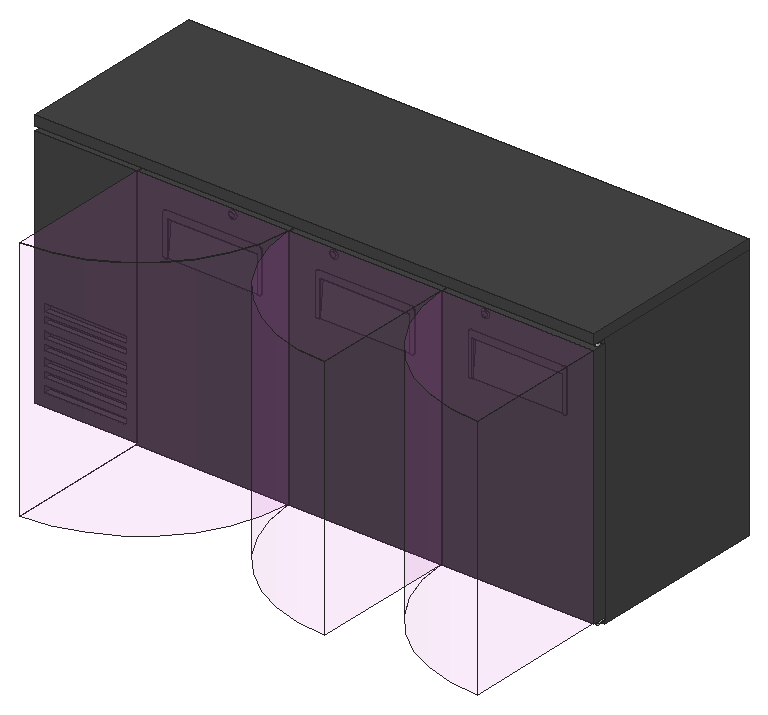
Revit family "QF_True_TBB24-72-3S-Z1-BST-B-1_Solid_Swing_Door_Back_Bar", category Specialty Equipment, Revit 2021
Family settings
  Round Connector Dimension = Use Diameter
  Part Type = Normal
  Work Plane-Based = No
  Always vertical = Yes
  Cut with Voids When Loaded = No
  Shared = No
  Room Calculation Point = No
Parameters
  Weight in Pounds = 415
  Watts = Volts * FL Amps  # 368 W
  Volts = 115 V
  URL Cutsheet = ""
  Specification by User = ""
  Specification by Manufacturer = ""
  Show Seismic Flanged [instance] = yes
  Show Door Clearance [instance] = yes
  Show Default [instance] = if(or([Show 2" Casters], [Show 3" Casters]), or(or([Show 4" Casters], [Show 5" Casters], [Show 6" Legs]), and([Show 2" Casters], [Show 3" Casters]), and([Show 3" Casters], Show Seismic Flanged)), if(or([Show 4" Casters], [Show 5" Casters]), or(or([Show 6" Legs], Show Seismic Flanged), and([Show 4" Casters], [Show 5" Casters])), if([Show 6" Legs], Show Seismic Flanged, not(Show Seismic Flanged))))  # yes
  Show 6" Legs [instance] = yes
  Show 5" Casters [instance] = yes
  Show 4" Casters [instance] = yes
  Show 3" Casters [instance] = yes
  Show 2" Casters [instance] = yes
  Serial Number = ""
  Seismic Rating = ""
  SMACNA No = ""
  Revision Code = ""
  Phase = 1
  Number of Poles = 1
  NAFEM Spec ID Number = ""
  Model = "TBB24-72-3S-Z1-BST-B-1"
  Min Ckt Ampacity = 0 A
  Max Overcurrent Protection = 0 A
  Masterspec = ""
  Manufacturer = "True"
  Length = 72 1/32"
  Item Number = ""
  Installed By = ""
  Identify Quantity as Lot = yes
  Height [instance] = Base Height + Body Height  # 34 3/16"
  HP = "1/4"
  Furnished By = ""
  Foodservice Equipment Identifier = yes
  FL Amps = 3.2 A
  Electrical Remarks = ""
  Electric Connection Type = ""
  Elec Conn RI Height = 0"
  Elec Conn Connection Height = 0"
  Door Finish [instance] = QF_Metallic_Paint_Black_Smooth
  Description = "Solid Swing Door Back Bar 24\" Depth Single Zone Cooler with Black Sub Top and Black Exterior"
  Depth = 24 7/8"
  Default Elevation = 0"
  Cycle = 60 Hz
  Counter Top Finish [instance] = QF_Metallic_Paint_Black_Smooth
  Conn Plug = "NEMA 5-15P"
  Conn Conduit = yes
  CSI MasterFormat = ""
  Body Height [instance] = 34 3/16"
  Body Finish [instance] = QF_Metallic_Paint_Black_Smooth
  Base Height [instance] = if(Show Default, 0", if([Show 2" Casters], 2", if([Show 3" Casters], 3", if([Show 4" Casters], 4", if([Show 5" Casters], 5", if([Show 6" Legs], 6", if(Show Seismic Flanged, 6", 0")))))))  # 0"
  Apparent Power = 0 VA
Reference planes (in)
  plane 1 "BACK": y = 0
  plane 2: z = 0
  plane 3 "LEFT": x = 0
  plane 4 "RIGHT": x = 72.03125
  plane 5 "FRONT": y = -24.875
  plane 6 "TOP": z = 34.1875
  plane 7 "Center Y": x = 36.01563
  plane 8 "Center X": y = -12.4375
  plane 9: z = 0
Dimensions and locks (in)
  equal spacing: plane 3 "LEFT", plane 7 "Center Y", plane 4 "RIGHT"
  "Length": plane 3 "LEFT" to plane 4 "RIGHT"
  equal spacing: plane 5 "FRONT", plane 8 "Center X", plane 1 "BACK"
  "Depth": plane 5 "FRONT" to plane 1 "BACK"
  plane 6 "TOP" to level = 34 3/16"
  "Body Height": plane 6 "TOP" to plane 9
  "Base Height": plane 9 to level
  aligned and locked: level to plane 2
  aligned and locked: nested 1 to plane 9
Nested families (in)
  nested 1: "TBB24-72-3S-Z1-BST-B-1" at (0, 0, 0), Show Door Clearance <- "Show Door Clearance", Body Finish <- "Body Finish", Counter Top Finishes <- "Counter Top Finish", Door Finish <- "Door Finish", type "TBB24-72-3S-Z1-BST-B-1"
    with Show Door Clearance yes, Door Finish QF_Metallic_Paint_Black_Smooth, Counter Top Finishes QF_Metallic_Paint_Black_Smooth, Body Finish QF_Metallic_Paint_Black_Smooth
  nested 2: "Family3" at (2.5, -20.9375, 0), Show 2" Casters <- "Show 2" Casters", Show 3" Casters <- "Show 3" Casters", Show 4" Casters <- "Show 4" Casters", Show 5" Casters <- "Show 5" Casters", Show 6" Legs <- "Show 6" Legs", Show Seismic Flanged <- "Show Seismic Flanged", type "Family3"
    with Show Seismic Flanged yes, Show 6" Legs yes, Show 5" Casters yes, Show 4" Casters yes, Show 3" Casters yes, Show 2" Casters yes
  nested 3: "Family3" at (69.53125, -20.9375, 0), Show 2" Casters <- "Show 2" Casters", Show 3" Casters <- "Show 3" Casters", Show 4" Casters <- "Show 4" Casters", Show 5" Casters <- "Show 5" Casters", Show 6" Legs <- "Show 6" Legs", Show Seismic Flanged <- "Show Seismic Flanged", type "Family3"
    with Show Seismic Flanged yes, Show 6" Legs yes, Show 5" Casters yes, Show 4" Casters yes, Show 3" Casters yes, Show 2" Casters yes
  nested 4: "Family3" at (2.5, -2.9375, 0), Show 2" Casters <- "Show 2" Casters", Show 3" Casters <- "Show 3" Casters", Show 4" Casters <- "Show 4" Casters", Show 5" Casters <- "Show 5" Casters", Show 6" Legs <- "Show 6" Legs", Show Seismic Flanged <- "Show Seismic Flanged", type "Family3"
    with Show Seismic Flanged yes, Show 6" Legs yes, Show 5" Casters yes, Show 4" Casters yes, Show 3" Casters yes, Show 2" Casters yes
  nested 5: "Family3" at (69.53125, -2.9375, 0), Show 2" Casters <- "Show 2" Casters", Show 3" Casters <- "Show 3" Casters", Show 4" Casters <- "Show 4" Casters", Show 5" Casters <- "Show 5" Casters", Show 6" Legs <- "Show 6" Legs", Show Seismic Flanged <- "Show Seismic Flanged", type "Family3"
    with Show Seismic Flanged yes, Show 6" Legs yes, Show 5" Casters yes, Show 4" Casters yes, Show 3" Casters yes, Show 2" Casters yes
Connectors (in)
  electrical at (5.92159, 0.23047, 18.36709), driven by "Volts", driven by "Watts"
    settings: on nested 1, index 1, voltage 115 V, apparent load 368 VA, apparent load phase1 0 VA, apparent load phase2 0 VA, apparent load phase3 0 VA, power factor 1, load classification "Other", number of poles 1, system type 30, power factor state 1, is connector primary yes, connector utility no, sub classification motor no, connector description "ELECTRICAL CONNECTION"
Definition of nested family "TBB24-72-3S-Z1-BST-B-1"
  Parameters (values of type "TBB24-72-3S-Z1-BST-B-1")
    Weight in Pounds = 0
    URL Cutsheet = ""
    Specification by User = ""
    Specification by Manufacturer = ""
    Show Door Clearance [instance] = yes
    Serial Number = ""
    Seismic Rating = ""
    SMACNA No = ""
    Revision Code = ""
    NAFEM Spec ID Number = ""
    Masterspec = ""
    Length = 72 1/32"
    Item Number = ""
    Installed By = ""
    Identify Quantity as Lot = yes
    Height = 34 3/16"
    Furnished By = ""
    Foodservice Equipment Identifier = yes
    Door Finish [instance] = none
    Depth = 24 7/8"
    Default Elevation = 0"
    Counter Top Finishes [instance] = none
    CSI MasterFormat = ""
    Body Finish [instance] = none
  Reference planes (in)
    plane 1 "BACK": y = 0
    plane 2: z = 0
    plane 3 "LEFT": x = 0
    plane 4 "RIGHT": x = 72.03125
    plane 5 "FRONT": y = -24.875
    plane 6 "TOP": z = 34.1875
    plane 7 "Center Y": x = 36.01563
    plane 8 "Center X": y = -12.4375
    plane 9: y = -43.625
    plane 10: z = 0.6875
    plane 11: z = 32.9375
    plane 12: z = 23.55589
  Forms (in)
    Extrusion 1, solid, material <- "Counter Top Finishes"
      sketch origin (0, 0, 0) x (1, 0, 0) y (0, 0, 1)
        loop
          line (0, 34.1875) -> (0, 32.9375) -> (72.03125, 32.9375) -> (72.03125, 34.1875) -> (0, 34.1875)
      from 0 to 24.875
    Extrusion 2, solid, material <- "Body Finish"
      sketch origin (0, 0, 0) x (0, 1, 0) y (0, 0, 1)
        loop
          line (0, 32.9375) -> (-23.09422, 32.9375) -> (-23.09422, 0) -> (0, 0) -> (0, 32.9375)
      from 0 to 72.03125
    Extrusion 3, solid
      sketch origin (0, -23.09422, 32.9375) x (0, 0, -1) y (1, 0, 0)
        loop
          line (0.66249, 0) -> (31.95758, 0) -> (31.95758, 13.15625) -> (0.66249, 13.15625) -> (0.66249, 0)
      from 0 to 1.78078
    Extrusion 4, void
      sketch origin (0, -24.875, 32.9375) x (0, 0, 1) y (1, 0, 0)
        loop
          line (-20.06297, 1.27626) -> (-20.06297, 11.8296) -> (-21.06297, 11.8296) -> (-21.06297, 1.27626) -> (-20.06297, 1.27626)
        loop
          line (-21.51705, 1.27626) -> (-21.51705, 11.8296) -> (-22.34419, 11.8296) -> (-22.34419, 1.27626) -> (-21.51705, 1.27626)
        loop
          line (-23.18797, 1.27626) -> (-23.18797, 11.8296) -> (-24.18797, 11.8296) -> (-24.18797, 1.27626) -> (-23.18797, 1.27626)
        loop
          line (-24.76705, 1.27626) -> (-24.76705, 11.8296) -> (-25.59419, 11.8296) -> (-25.59419, 1.27626) -> (-24.76705, 1.27626)
        loop
          line (-26.31297, 1.27626) -> (-26.31297, 11.8296) -> (-27.31297, 11.8296) -> (-27.31297, 1.27626) -> (-26.31297, 1.27626)
        loop
          line (-27.89205, 1.27626) -> (-27.89205, 11.8296) -> (-28.71919, 11.8296) -> (-28.71919, 1.27626) -> (-27.89205, 1.27626)
        loop
          line (-29.51705, 1.27626) -> (-29.51705, 11.8296) -> (-30.34419, 11.8296) -> (-30.34419, 1.27626) -> (-29.51705, 1.27626)
      from 0 to 0.83594
    Extrusion 5, solid
      sketch origin (0, 0, 32.6875) x (0, 0, 1) y (1, 0, 0)
        loop
          arc (-12.59037, 11.27264) -> (-12.81004, 11.80298) -> (-13.34037, 12.02264) r 0.75
          line (-13.34037, 12.02264) -> (-31.375, 12.02264)
          arc (-31.375, 12.02264) -> (-31.90533, 11.80298) -> (-32.125, 11.27264) r 0.75
          line (-32.125, 11.27264) -> (-32.125, 0.75)
          arc (-32.125, 0.75) -> (-31.90533, 0.21967) -> (-31.375, 0) r 0.75
          line (-31.375, 0) -> (-13.34037, 0)
          arc (-13.34037, 0) -> (-12.81004, 0.21967) -> (-12.59037, 0.75) r 0.75
          line (-12.59037, 0.75) -> (-12.59037, 5.19897) -> (-12.14941, 5.19897)
          arc (-12.14941, 5.19897) -> (-11.39941, 5.94897) -> (-12.14941, 6.69897) r 0.75
          line (-12.14941, 6.69897) -> (-12.59037, 6.69897) -> (-12.59037, 11.27264)
      from 0 to 0.03125
    Extrusion 6, solid
      sketch origin (0, 0.03125, 32.6875) x (0, 0, 1) y (1, 0, 0)
        loop
          line (-11.64941, 5.94897) -> (-11.89941, 6.38198) -> (-12.39941, 6.38198) -> (-12.64941, 5.94897) -> (-12.39941, 5.51596) -> (-11.89941, 5.51596) -> (-11.64941, 5.94897)
      from 0 to 0.19922
    Extrusion 7, solid
      sketch origin (0, 0.03125, 32.6875) x (0, 0, 1) y (1, 0, 0)
        loop
          circle (-14.32041, 5.92159) r 0.5
      from 0 to 0.19922
    Extrusion 8, solid, material <- "Door Finish"
      sketch origin (0, -23.09422, 32.9375) x (0, 0, -1) y (1, 0, 0)
        loop
          line (0.66249, 72.03125) -> (0.66249, 52.40625) -> (32.25, 52.40625) -> (32.25, 72.03125) -> (0.66249, 72.03125)
      from 0 to 1.78078
    Extrusion 9, solid, material <- "Door Finish"
      sketch origin (0, -23.09422, 32.9375) x (0, 0, -1) y (1, 0, 0)
        loop
          line (0.66249, 52.40625) -> (0.66249, 32.78125) -> (32.25, 32.78125) -> (32.25, 52.40625) -> (0.66249, 52.40625)
      from 0 to 1.78078
    Extrusion 10, solid, material <- "Door Finish"
      sketch origin (0, -23.09422, 32.9375) x (0, 0, -1) y (1, 0, 0)
        loop
          line (0.66249, 32.78125) -> (0.66249, 13.15625) -> (32.25, 13.15625) -> (32.25, 32.78125) -> (0.66249, 32.78125)
      from 0 to 1.78078
    Extrusion 11, solid, material <- "Door Finish"
      sketch origin (84, -24.875, 35.99786) x (0, 0, -1) y (1, 0, 0)
        loop
          arc (7.19767, -35.06214) -> (6.92975, -35.17312) -> (6.81877, -35.44104) r 0.37891
          line (6.81877, -35.44104) -> (6.81877, -47.37146)
          arc (6.81877, -47.37146) -> (6.92953, -47.63887) -> (7.19695, -47.74964) r 0.37818
          line (7.19695, -47.74964) -> (12.19377, -47.74964)
          arc (12.19377, -47.74964) -> (12.44197, -47.50143) -> (12.19377, -47.25323) r 0.2482
          line (12.19377, -47.25323) -> (8.12997, -47.25323)
          arc (8.12997, -47.25323) -> (7.86204, -47.14225) -> (7.75107, -46.87433) r 0.37891
          line (7.75107, -46.87433) -> (7.75107, -35.99995)
          arc (7.75107, -35.99995) -> (7.86204, -35.73202) -> (8.12997, -35.62104) r 0.37891
          line (8.12997, -35.62104) -> (12.16252, -35.62104)
          arc (12.16252, -35.62104) -> (12.44197, -35.34159) -> (12.16252, -35.06214) r 0.27945
          line (12.16252, -35.06214) -> (7.19767, -35.06214)
        loop
          line (7.19767, -67.40625) -> (12.16252, -67.40625)
          arc (12.16252, -67.40625) -> (12.44197, -67.1268) -> (12.16252, -66.84735) r 0.27945
          line (12.16252, -66.84735) -> (8.12997, -66.84735)
          arc (8.12997, -66.84735) -> (7.86204, -66.73637) -> (7.75107, -66.46844) r 0.37891
          line (7.75107, -66.46844) -> (7.75107, -55.59406)
          arc (7.75107, -55.59406) -> (7.86204, -55.32613) -> (8.12997, -55.21515) r 0.37891
          line (8.12997, -55.21515) -> (12.19377, -55.21515)
          arc (12.19377, -55.21515) -> (12.44197, -54.96695) -> (12.19377, -54.71875) r 0.2482
          line (12.19377, -54.71875) -> (7.19695, -54.71875)
          arc (7.19695, -54.71875) -> (6.92953, -54.82952) -> (6.81877, -55.09693) r 0.37818
          line (6.81877, -55.09693) -> (6.81877, -67.02734)
          arc (6.81877, -67.02734) -> (6.92975, -67.29527) -> (7.19767, -67.40625) r 0.37891
        loop
          arc (7.19767, -15.40625) -> (6.92975, -15.51723) -> (6.81877, -15.78516) r 0.37891
          line (6.81877, -15.78516) -> (6.81877, -27.71557)
          arc (6.81877, -27.71557) -> (6.92953, -27.98298) -> (7.19695, -28.09375) r 0.37818
          line (7.19695, -28.09375) -> (12.19377, -28.09375)
          arc (12.19377, -28.09375) -> (12.44197, -27.84555) -> (12.19377, -27.59735) r 0.2482
          line (12.19377, -27.59735) -> (8.12997, -27.59735)
          arc (8.12997, -27.59735) -> (7.86204, -27.48637) -> (7.75107, -27.21844) r 0.37891
          line (7.75107, -27.21844) -> (7.75107, -16.34406)
          arc (7.75107, -16.34406) -> (7.86204, -16.07613) -> (8.12997, -15.96515) r 0.37891
          line (8.12997, -15.96515) -> (12.16252, -15.96515)
          arc (12.16252, -15.96515) -> (12.44197, -15.6857) -> (12.16252, -15.40625) r 0.27945
          line (12.16252, -15.40625) -> (7.19767, -15.40625)
      from 0 to 0.03125
    Extrusion 12, void
      sketch origin (14.17365, -24.875, 27.86788) x (0, 0, 1) y (0, 1, 0)
        loop
          line (0.37891, -0.24253) -> (0.37891, 0.5) -> (-4.312, 0) -> (-4.312, -0.24253) -> (0.37891, -0.24253)
      from -2.979 to -14.61119
    Extrusion 13, void
      sketch origin (33.76777, -24.875, 27.86788) x (0, 0, 1) y (0, 1, 0)
        loop
          line (0.37891, -0.24253) -> (0.37891, 0.5) -> (-4.312, 0) -> (-4.312, -0.24253) -> (0.37891, -0.24253)
      from -2.979 to -14.61119
    Extrusion 14, void
      sketch origin (53.42365, -24.875, 27.86788) x (0, 0, 1) y (0, 1, 0)
        loop
          line (0.37891, -0.24253) -> (0.37891, 0.5) -> (-4.312, 0) -> (-4.312, -0.24253) -> (0.37891, -0.24253)
      from -2.979 to -14.61119
    Blend 15, solid, material <- "Door Finish"
      base sketch origin (55.62282, -24.875, 35.99786) x (0, 0, -1) y (1, 0, 0)
        loop
          circle (4.37806, -30.11945) r 0.5
      top sketch origin (55.62282, -24.875, 35.99786) x (0, 0, 1) y (1, 0, 0)
        loop
          circle (-4.37806, -30.11945) r 0.37406
      from 0 to 0.07959
    Blend 16, solid, material <- "Door Finish"
      base sketch origin (55.62282, -24.875, 35.99786) x (0, 0, -1) y (1, 0, 0)
        loop
          circle (4.37806, -17.0582) r 0.5
      top sketch origin (55.62282, -24.875, 35.99786) x (0, 0, 1) y (1, 0, 0)
        loop
          circle (-4.37806, -17.0582) r 0.37406
      from 0 to 0.07959
    Blend 17, solid, material <- "Door Finish"
      base sketch origin (75.12282, -24.875, 35.99786) x (0, 0, -1) y (1, 0, 0)
        loop
          circle (4.37806, -17.0582) r 0.5
      top sketch origin (75.12282, -24.875, 35.99786) x (0, 0, 1) y (1, 0, 0)
        loop
          circle (-4.37806, -17.0582) r 0.37406
      from 0 to 0.07959
    Revolve 18, solid
      sketch origin (13.65625, -180, 0.6875) x (0, 0, -1) y (0, -1, 0)
        loop
          line (-31.58751, -156.24977) -> (-32.25, -156.24977) -> (-32.25, -156.74977) -> (-32.1201, -156.74977) -> (-32.1201, -156.49977) -> (-31.58751, -156.49977) -> (-31.58751, -156.24977)
        axis (-32.25, -156.24977) -> (-31.58751, -156.24977)
      angle from 0 to 360
    Revolve 19, solid
      sketch origin (13.65532, -180.05443, 0.39756) x (0, 0, 1) y (0, 1, 0)
        loop
          line (0.28994, 156.29571) -> (0.28994, 156.48985) -> (0, 156.48985) -> (0, 156.29571) -> (0.28994, 156.29571)
        axis (0.28994, 156.29571) -> (0, 156.29571)
      angle from 0 to 360
    Revolve 20, solid
      sketch origin (71.53125, -180, 0.6875) x (0, 0, -1) y (0, 1, 0)
        loop
          line (-31.58751, 156.24977) -> (-31.58751, 156.49977) -> (-32.1201, 156.49977) -> (-32.1201, 156.74977) -> (-32.25, 156.74977) -> (-32.25, 156.24977) -> (-31.58751, 156.24977)
        axis (-32.25, 156.24977) -> (-31.58751, 156.24977)
      angle from 0 to 360
    Revolve 21, solid
      sketch origin (71.50341, -180.05443, 0.39756) x (0, 0, 1) y (0, -1, 0)
        loop
          line (0.28994, -156.29571) -> (0, -156.29571) -> (0, -156.48985) -> (0.28994, -156.48985) -> (0.28994, -156.29571)
        axis (0.28994, -156.29571) -> (0, -156.29571)
      angle from 0 to 360
    Extrusion 22, solid
      sketch origin (-14.8043, -180.46875, 0.33506) x (-1, 0, 0) y (0, -1, 0)
        loop
          line (-27.96055, -157.37453) -> (-27.96055, -156.39831)
          arc (-27.96055, -156.39831) -> (-28.00348, -156.29467) -> (-28.10712, -156.25173) r 0.14658
          line (-28.10712, -156.25173) -> (-28.51541, -156.25173)
          arc (-28.51541, -156.25173) -> (-28.59865, -156.26829) -> (-28.66923, -156.31545) r 0.21754
          line (-28.66923, -156.31545) -> (-29.51188, -157.1581)
          arc (-29.51188, -157.1581) -> (-29.53936, -157.29627) -> (-29.42223, -157.37453) r 0.12678
          line (-29.42223, -157.37453) -> (-27.96055, -157.37453)
        loop
          line (-67.21055, -157.37453) -> (-65.74886, -157.37453)
          arc (-65.74886, -157.37453) -> (-65.63173, -157.29627) -> (-65.65921, -157.1581) r 0.12678
          line (-65.65921, -157.1581) -> (-66.50186, -156.31545)
          arc (-66.50186, -156.31545) -> (-66.57244, -156.26829) -> (-66.65568, -156.25173) r 0.21754
          line (-66.65568, -156.25173) -> (-67.06397, -156.25173)
          arc (-67.06397, -156.25173) -> (-67.16761, -156.29467) -> (-67.21055, -156.39831) r 0.14658
          line (-67.21055, -156.39831) -> (-67.21055, -157.37453)
      from 0 to 0.0625
    Extrusion 23, solid
      sketch origin (-7.625, -23.09422, 32.9375) x (0, 0, -1) y (1, 0, 0)
        loop
          line (32.60244, 20.78125) -> (32.60244, 22.36972) -> (32.25, 22.36972) -> (32.25, 20.78125) -> (32.60244, 20.78125)
        loop
          line (32.60244, 60.03125) -> (32.25, 60.03125) -> (32.25, 58.44278) -> (32.60244, 58.44278) -> (32.60244, 60.03125)
      from 0 to 0.0625
    Revolve 24, solid
      sketch origin (51.90625, -180, 0.6875) x (0, 0, -1) y (0, 1, 0)
        loop
          line (-31.58751, 156.24977) -> (-31.58751, 156.49977) -> (-32.1201, 156.49977) -> (-32.1201, 156.74977) -> (-32.25, 156.74977) -> (-32.25, 156.24977) -> (-31.58751, 156.24977)
        axis (-32.25, 156.24977) -> (-31.58751, 156.24977)
      angle from 0 to 360
    Revolve 25, solid
      sketch origin (51.87841, -180.05443, 0.39756) x (0, 0, 1) y (0, -1, 0)
        loop
          line (0.28994, -156.29571) -> (0, -156.29571) -> (0, -156.48985) -> (0.28994, -156.48985) -> (0.28994, -156.29571)
        axis (0.28994, -156.29571) -> (0, -156.29571)
      angle from 0 to 360
    Extrusion 26, solid
      sketch origin (12, -23.09422, 32.9375) x (0, 0, -1) y (1, 0, 0)
        loop
          line (32.60244, 60.03125) -> (32.25, 60.03125) -> (32.25, 58.44278) -> (32.60244, 58.44278) -> (32.60244, 60.03125)
      from 0 to 0.0625
    Extrusion 27, solid
      sketch origin (4.8207, -180.46875, 0.33506) x (-1, 0, 0) y (0, -1, 0)
        loop
          line (-67.21055, -157.37453) -> (-65.74886, -157.37453)
          arc (-65.74886, -157.37453) -> (-65.63173, -157.29627) -> (-65.65921, -157.1581) r 0.12678
          line (-65.65921, -157.1581) -> (-66.50186, -156.31545)
          arc (-66.50186, -156.31545) -> (-66.57244, -156.26829) -> (-66.65568, -156.25173) r 0.21754
          line (-66.65568, -156.25173) -> (-67.06397, -156.25173)
          arc (-67.06397, -156.25173) -> (-67.16761, -156.29467) -> (-67.21055, -156.39831) r 0.14658
          line (-67.21055, -156.39831) -> (-67.21055, -157.37453)
      from 0 to 0.0625
    Extrusion 28, solid, visible <- "Show Door Clearance"
      sketch origin (45.95654, -23.09422, 0.6875) x (0, -1, 0) y (-1, 0, 0)
        loop
          arc (1.78078, 13.17529) -> (15.09548, 19.22374) -> (20.53077, 32.80029) r 19.625
          line (20.53077, 32.80029) -> (1.78078, 32.80029) -> (1.78078, 13.17529)
      from 0 to -31.58751
    Extrusion 29, solid, visible <- "Show Door Clearance"
      sketch origin (45.95654, -23.09422, 0.6875) x (0, -1, 0) y (-1, 0, 0)
        loop
          line (1.78078, 13.17529) -> (1.78078, -6.44971) -> (20.53077, -6.44971)
          arc (20.53077, -6.44971) -> (15.09548, 7.12683) -> (1.78078, 13.17529) r 19.625
      from 0 to -31.58751
    Extrusion 30, solid, visible <- "Show Door Clearance"
      sketch origin (45.95654, -23.09422, 0.6875) x (0, -1, 0) y (-1, 0, 0)
        loop
          line (1.78078, -6.44971) -> (1.78078, -26.07471) -> (20.53077, -26.07471)
          arc (20.53077, -26.07471) -> (15.09548, -12.49817) -> (1.78078, -6.44971) r 19.625
      from 0 to -31.58751
  Cuts and joins
    Extrusion 4 cuts Extrusion 2
    Extrusion 4 cuts Extrusion 3
    Extrusion 12, Extrusion 13 cuts Extrusion 10
    Extrusion 12, Extrusion 13, Extrusion 14 cuts Extrusion 11
    Extrusion 12, Extrusion 13, Extrusion 14 cuts Extrusion 9
    Extrusion 13, Extrusion 14 cuts Extrusion 8
  Lines and regions (in)
    Split face 1
      outline origin (0, 0.03125, 32.6875) x (0, 0, 1) y (1, 0, 0)
        loop
          line (-15.04167, 10.7061) -> (-29.59231, 10.7061) -> (-29.59231, 0.9561) -> (-15.04167, 0.9561) -> (-15.04167, 10.7061)
    Split face 2
      outline origin (72.03125, 0, 0) x (-1, 0, 0) y (0, 0, 1)
        loop
          line (60.03125, 32.9375) -> (60.03125, 0)
        loop
          line (57.65625, 0) -> (57.65625, 32.9375)
        loop
          line (2.75, 32.9375) -> (2.75, 0)
    Split face 3
      outline origin (0, -24.875, 32.27501) x (-1, 0, 0) y (0, 0, -1)
        loop
          line (-2.26866, 1.36126) -> (-2.26866, 2.86126) -> (-10.572, 2.86126) -> (-10.572, 1.36126) -> (-2.26866, 1.36126)
    symbolic lines
      curve 1: line (72.03125, 0, 0) -> (0, 0, 0)
      curve 2: line (0, 0, 0) -> (0, -24.875, 0)
      curve 3: line (0, -24.875, 0) -> (72.03125, -24.875, 0)
      curve 4: line (72.03125, -24.875, 0) -> (72.03125, 0, 0)
    symbolic lines, visible <- "Show Door Clearance"
      curve 5: arc (32.78125, -24.875, 0) -> (31.90289, -29.86816, 0) -> (29.77475, -34.46969, 0) r 19.625
      curve 6: arc (35.78775, -34.46969, 0) -> (33.65961, -29.86816, 0) -> (32.78125, -24.875, 0) r 19.625
      curve 7: arc (55.41275, -34.46969, 0) -> (53.28461, -29.86816, 0) -> (52.40625, -24.875, 0) r 19.625
      curve 8: line (13.15625, -24.875, 0) -> (29.77475, -34.46969, 0)
      curve 9: line (52.40625, -24.875, 0) -> (35.78775, -34.46969, 0)
      curve 10: line (72.03125, -24.875, 0) -> (55.41275, -34.46969, 0)
  Dimensions and locks (in)
    equal spacing: plane 3 "LEFT", plane 7 "Center Y", plane 4 "RIGHT"
    "Length": plane 3 "LEFT" to plane 4 "RIGHT"
    equal spacing: plane 5 "FRONT", plane 8 "Center X", plane 1 "BACK"
    "Depth": plane 5 "FRONT" to plane 1 "BACK"
    "Height": plane 6 "TOP" to level
    plane 1 "BACK" to plane 9 = 43 5/8"
    plane 10 to level = 11/16"
    plane 5 "FRONT" to plane 1 "BACK" = 24 7/8"
    plane 9 to plane 1 "BACK" = 43 5/8"
    plane 6 "TOP" to plane 11 = 1 1/4"
    plane 5 "FRONT" to plane 9 = 18 3/4"
    aligned and locked: level to plane 2
  Automatic sketch dimensions
    Extrusion 1 sketch curve to plane 3 "LEFT" = 0"
    plane 4 "RIGHT" to Extrusion 1 sketch curve = 0"
    Extrusion 1 sketch curve to plane 11 = 0"
    Extrusion 1 sketch curve to plane 6 "TOP" = 0"
    plane 11 to Extrusion 2 sketch curve = 0"
    Extrusion 2 sketch curve to level = 0"
    Extrusion 2 sketch curve to plane 1 "BACK" = 0"
    Extrusion 2 sketch curve to plane 5 "FRONT" = 1.78078"
    Extrusion 3 sketch curve to Extrusion 2 = 0"
    Extrusion 3 sketch curve to Extrusion 2 = 0.66249"
    Extrusion 3 sketch curve to Extrusion 2 = 0.97992"
    Extrusion 2 to Extrusion 3 sketch curve = 13 5/32"
    Extrusion 3 to Extrusion 4 sketch curve = 1.61339"
    Extrusion 4 sketch curve to Extrusion 4 sketch curve = 0.82714"  (x4)
    Extrusion 4 sketch curve to Extrusion 4 sketch curve = 0.79786"
    Extrusion 4 sketch curve to Extrusion 4 sketch curve = 0.57908"  (x2)
    Extrusion 4 sketch curve to Extrusion 4 sketch curve = 1"  (x3)
    Extrusion 4 sketch curve to Extrusion 4 sketch curve = 0.71878"
    Extrusion 4 sketch curve to Extrusion 4 sketch curve = 0.84378"
    Extrusion 4 sketch curve to Extrusion 4 sketch curve = 0.45408"
    Extrusion 3 to Extrusion 4 sketch curve = 1.27626"  (x2)
    Extrusion 4 sketch curve to Extrusion 4 sketch curve = 0"  (x11)
    Extrusion 3 to Extrusion 4 sketch curve = 1.32665"
    Extrusion 5 sketch curve to Extrusion 2 = 0"
    Extrusion 2 to Extrusion 5 sketch curve = 9/16"
    Extrusion 5 sketch curve to Extrusion 5 sketch curve = 3/4"  (x3)
    Extrusion 5 sketch curve to Extrusion 2 = 13.59037"
    Extrusion 2 to Extrusion 5 sketch curve = 3/4"
    Extrusion 5 sketch curve to Extrusion 5 sketch curve = 0"  (x2)
    Extrusion 5 sketch curve to Extrusion 5 sketch curve = 0.44096"
    Extrusion 5 sketch curve to Extrusion 5 sketch curve = 4.44897"
    Extrusion 5 sketch curve to Extrusion 5 sketch curve = 10.52264"
    Split face 1 sketch curve to Extrusion 5 = 2.53269"
    Split face 1 sketch curve to Extrusion 5 = 2.4513"
    Split face 1 sketch curve to Extrusion 5 = 0.9561"
    Split face 1 sketch curve to Extrusion 5 = 1.31655"
    Extrusion 6 sketch curve to Extrusion 5 = 0.05904"
    Extrusion 5 to Extrusion 6 sketch curve = 0.19096"  (x2)
    Extrusion 6 sketch curve to Extrusion 5 = 0.31699"  (x2)
    Extrusion 6 sketch curve to Extrusion 6 sketch curve = 1/2"  (x2)
    Extrusion 6 sketch curve to Extrusion 6 sketch curve = 1/4"
    Extrusion 6 sketch curve to Extrusion 6 sketch curve = 0.43301"  (x2)
    Extrusion 7 sketch curve to Extrusion 5 = 0.72262"
    Extrusion 7 sketch curve to Extrusion 5 = 1.73005"
    Split face 2 sketch curve to cut or joined group of Extrusion 2, Extrusion 4 = 0"  (x6)
    Split face 2 sketch curve to cut or joined group of Extrusion 2, Extrusion 4 = 2 3/4"
    Split face 2 sketch curve to cut or joined group of Extrusion 2, Extrusion 4 = 14 3/8"
    Split face 2 sketch curve to Split face 2 sketch curve = 2 3/8"
    Split face 3 sketch curve to cut or joined group of Extrusion 3, Extrusion 4 = 1.2576"
    Split face 3 sketch curve to cut or joined group of Extrusion 3, Extrusion 4 = 0.9924"
    Split face 3 sketch curve to cut or joined group of Extrusion 3, Extrusion 4 = 1.36126"
    Split face 3 sketch curve to Split face 3 sketch curve = 1 1/2"
    Extrusion 2 to Extrusion 8 sketch curve = 0"
    Extrusion 8 sketch curve to Extrusion 2 = 0.66249"
    Extrusion 8 sketch curve to Extrusion 2 = 11/16"
    Extrusion 2 to Extrusion 8 sketch curve = 19 5/8"
    Extrusion 9 sketch curve to Extrusion 2 = 0.66249"
    Extrusion 9 sketch curve to Extrusion 2 = 11/16"
    Extrusion 2 to Extrusion 9 sketch curve = 32 25/32"
    Extrusion 2 to Extrusion 9 sketch curve = 19 5/8"
    Extrusion 10 sketch curve to Extrusion 2 = 0.66249"
    Extrusion 10 sketch curve to Extrusion 2 = 11/16"
    Extrusion 2 to Extrusion 10 sketch curve = 13 5/32"
    Extrusion 10 sketch curve to Extrusion 10 sketch curve = 19 5/8"
    plane 11 to Extrusion 11 sketch curve = 3.75841"  (x3)
    Extrusion 11 sketch curve to Extrusion 11 sketch curve = 0.37818"  (x3)
    plane 7 "Center Y" to Extrusion 11 sketch curve = 0.23474"
    Extrusion 11 sketch curve to Extrusion 11 sketch curve = 97/256"  (x9)
    Extrusion 11 sketch curve to Extrusion 11 sketch curve = 0.55339"  (x2)
    Extrusion 11 sketch curve to Extrusion 11 sketch curve = 0.55412"
    plane 12 to Extrusion 11 sketch curve = 0.27945"  (x3)
    plane 12 to Extrusion 11 sketch curve = 0.2482"  (x3)
    Extrusion 11 sketch curve to plane 7 "Center Y" = 6 47/64"
    Extrusion 11 sketch curve to Extrusion 11 sketch curve = 0.2482"  (x3)
    Extrusion 11 sketch curve to Extrusion 11 sketch curve = 10.87438"  (x2)
    Extrusion 11 sketch curve to Extrusion 11 sketch curve = 0.5589"  (x3)
    Extrusion 11 sketch curve to Extrusion 11 sketch curve = 6.96839"
    plane 4 "RIGHT" to Extrusion 11 sketch curve = 4.37531"
    Extrusion 12 sketch curve to plane 5 "FRONT" = 0"
    Extrusion 12 sketch curve to plane 12 = 0"
    plane 5 "FRONT" to Extrusion 12 sketch curve = 0.24253"
    plane 11 to Extrusion 12 sketch curve = 4.69071"
    Extrusion 12 sketch curve to plane 5 "FRONT" = 1/2"
    Extrusion 13 sketch curve to plane 5 "FRONT" = 0"
    Extrusion 13 sketch curve to plane 12 = 0"
    plane 5 "FRONT" to Extrusion 13 sketch curve = 0.24253"
    plane 11 to Extrusion 13 sketch curve = 4.69071"
    Extrusion 13 sketch curve to plane 5 "FRONT" = 1/2"
    Extrusion 14 sketch curve to plane 5 "FRONT" = 0"
    Extrusion 14 sketch curve to plane 12 = 0"
    plane 5 "FRONT" to Extrusion 14 sketch curve = 0.24253"
    plane 11 to Extrusion 14 sketch curve = 4.69071"
    Extrusion 14 sketch curve to plane 5 "FRONT" = 1/2"
    plane 11 to Blend 15 sketch curve = 1.31771"  (x2)
    Blend 15 sketch curve to plane 7 "Center Y" = 10.51226"  (x2)
    plane 11 to Blend 16 sketch curve = 1.31771"  (x2)
    plane 7 "Center Y" to Blend 16 sketch curve = 2.54899"  (x2)
    plane 11 to Blend 17 sketch curve = 1.31771"  (x2)
    plane 4 "RIGHT" to Blend 17 sketch curve = 13.96663"  (x2)
    plane 11 to Revolve 18 sketch curve = 0"  (x2)
    plane 11 to Revolve 18 sketch curve = 0.1299"  (x2)
    Revolve 18 sketch curve to Revolve 18 sketch curve = 0.53259"
    Revolve 18 sketch curve to plane 5 "FRONT" = 1.62477"
    Revolve 18 sketch curve to Revolve 18 sketch curve = 1/4"  (x2)
    Revolve 18 sketch curve to Revolve 18 sketch curve = 0"
    Revolve 19 sketch curve to plane 10 = 0"  (x2)
    Revolve 19 sketch curve to plane 10 = 0.28994"
    Revolve 19 sketch curve to plane 5 "FRONT" = 1.11628"
    Revolve 19 sketch curve to Revolve 19 sketch curve = 0.19414"
    Revolve 19 sketch curve to plane 10 = 0.14497"
    Revolve 19 sketch curve to Revolve 19 sketch curve = 0"
    plane 11 to Revolve 20 sketch curve = 0"  (x2)
    plane 11 to Revolve 20 sketch curve = 0.1299"  (x2)
    Revolve 20 sketch curve to Revolve 20 sketch curve = 0.53259"
    Revolve 20 sketch curve to plane 5 "FRONT" = 1.12477"
    Revolve 20 sketch curve to Revolve 20 sketch curve = 1/4"  (x2)
    Revolve 20 sketch curve to Revolve 20 sketch curve = 0"
    Revolve 21 sketch curve to plane 10 = 0"  (x2)
    Revolve 21 sketch curve to plane 10 = 0.28994"
    Revolve 21 sketch curve to plane 5 "FRONT" = 1.31042"
    Revolve 21 sketch curve to Revolve 21 sketch curve = 0.19414"
    Revolve 21 sketch curve to plane 10 = 0.14497"
    Revolve 21 sketch curve to Revolve 21 sketch curve = 0"
    Extrusion 22 sketch curve to plane 5 "FRONT" = 1.78078"
    plane 7 "Center Y" to Extrusion 22 sketch curve = 16 25/64"
    Extrusion 22 sketch curve to Extrusion 22 sketch curve = 0.14658"  (x2)
    Extrusion 22 sketch curve to Extrusion 22 sketch curve = 0.40828"  (x2)
    Extrusion 22 sketch curve to plane 5 "FRONT" = 0.7217"  (x2)
    Extrusion 22 sketch curve to Extrusion 22 sketch curve = 0.15382"  (x4)
    Extrusion 22 sketch curve to Extrusion 22 sketch curve = 0.90682"
    Extrusion 22 sketch curve to plane 5 "FRONT" = 1.56435"  (x2)
    Extrusion 22 sketch curve to Extrusion 22 sketch curve = 0.08965"  (x2)
    plane 3 "LEFT" to Extrusion 22 sketch curve = 14.70758"
    Extrusion 22 sketch curve to Extrusion 22 sketch curve = 0.84265"
    Extrusion 22 sketch curve to Extrusion 22 sketch curve = 1.05908"
    Extrusion 23 sketch curve to plane 10 = 0"  (x2)
    level to Extrusion 23 sketch curve = 0.33506"  (x2)
    plane 3 "LEFT" to Extrusion 23 sketch curve = 13 5/32"
    Extrusion 23 sketch curve to Extrusion 23 sketch curve = 1.58847"  (x2)
    plane 7 "Center Y" to Extrusion 23 sketch curve = 14.80216"
    plane 11 to Revolve 24 sketch curve = 0"  (x2)
    plane 11 to Revolve 24 sketch curve = 0.1299"  (x2)
    Revolve 24 sketch curve to Revolve 24 sketch curve = 0.53259"
    Revolve 24 sketch curve to plane 5 "FRONT" = 1.12477"
    Revolve 24 sketch curve to Revolve 24 sketch curve = 1/4"  (x2)
    Revolve 24 sketch curve to Revolve 24 sketch curve = 0"
    Revolve 25 sketch curve to plane 10 = 0"  (x2)
    Revolve 25 sketch curve to plane 10 = 0.28994"
    Revolve 25 sketch curve to plane 5 "FRONT" = 1.31042"
    Revolve 25 sketch curve to Revolve 25 sketch curve = 0.19414"
    Revolve 25 sketch curve to plane 10 = 0.14497"
    Revolve 25 sketch curve to Revolve 25 sketch curve = 0"
    plane 4 "RIGHT" to Extrusion 26 sketch curve = 0"
    Extrusion 26 sketch curve to plane 10 = 0"
    level to Extrusion 26 sketch curve = 0.33506"
    plane 4 "RIGHT" to Extrusion 26 sketch curve = 1.58847"
    Extrusion 27 sketch curve to plane 4 "RIGHT" = 0"
    plane 4 "RIGHT" to Extrusion 27 sketch curve = 0.14658"
    Extrusion 27 sketch curve to Extrusion 27 sketch curve = 0.40828"
    Extrusion 27 sketch curve to Extrusion 27 sketch curve = 0.15382"
    Extrusion 27 sketch curve to Extrusion 27 sketch curve = 0.90682"
    Extrusion 27 sketch curve to Extrusion 27 sketch curve = 0.08965"
    Extrusion 27 sketch curve to plane 5 "FRONT" = 1.78078"
    Extrusion 27 sketch curve to Extrusion 27 sketch curve = 0.12678"
    Extrusion 27 sketch curve to plane 5 "FRONT" = 0.87552"
    Extrusion 27 sketch curve to Extrusion 27 sketch curve = 0.07096"
    Extrusion 28 sketch curve to Extrusion 8 = 0"
    Extrusion 28 sketch curve to Extrusion 8 = 7/8"
    Extrusion 8 to Extrusion 28 sketch curve = 18 3/4"
    Extrusion 8 to Extrusion 28 sketch curve = 39 1/4"
    Extrusion 28 sketch curve to Extrusion 28 sketch curve = 5/256"
    Extrusion 29 sketch curve to Extrusion 8 = 0"  (x2)
    Extrusion 8 to Extrusion 29 sketch curve = 5/256"
    Extrusion 29 sketch curve to Extrusion 8 = 7/8"
    Extrusion 8 to Extrusion 29 sketch curve = 18 3/4"
    Extrusion 30 sketch curve to Extrusion 8 = 0"  (x3)
    Extrusion 8 to Extrusion 30 sketch curve = 5/256"
    Extrusion 30 sketch curve to Extrusion 8 = 7/8"
    plane 1 "BACK" to curve 1 = 0"
    curve 1 to plane 3 "LEFT" = 0"
    plane 5 "FRONT" to curve 8 = 0"
    curve 4 to plane 4 "RIGHT" = 0"
    curve 5 to plane 5 "FRONT" = 7/8"
    plane 3 "LEFT" to curve 5 = 13 45/256"
    curve 8 to plane 7 "Center Y" = 6.24088"
    curve 9 to plane 7 "Center Y" = 0.22787"
    curve 6 to plane 5 "FRONT" = 7/8"
    curve 6 to curve 9 = 5/256"
    plane 4 "RIGHT" to curve 7 = 5/256"
    plane 9 to curve 8 = 9.15531"
    curve 8 to curve 9 = 0"
    curve 7 to plane 5 "FRONT" = 7/8"
    curve 8 to curve 5 = 5/256"
    curve 7 to curve 10 = 3.0065"
    plane 9 to curve 10 = 9.15531"
    radius of Extrusion 7 sketch curve = 1/2"
    radius of Blend 15 sketch curve = 1/2"
    radius of Blend 15 sketch curve = 0.37406"
    radius of Blend 16 sketch curve = 1/2"
    radius of Blend 16 sketch curve = 0.37406"
    radius of Blend 17 sketch curve = 1/2"
    radius of Blend 17 sketch curve = 0.37406"
Definition of nested family "Family3"
  Parameters (values of type "Family3")
    Weight in Pounds = 0
    URL Cutsheet = ""
    Specification by User = ""
    Specification by Manufacturer = ""
    Show Seismic Flanged [instance] = yes
    Show 6" Legs [instance] = yes
    Show 5" Casters [instance] = yes
    Show 4" Casters [instance] = yes
    Show 3" Casters [instance] = yes
    Show 2" Casters [instance] = yes
    Serial Number = ""
    Seismic Rating = ""
    SMACNA No = ""
    Revision Code = ""
    NAFEM Spec ID Number = ""
    Masterspec = ""
    Length = 0"
    Item Number = ""
    Installed By = ""
    Identify Quantity as Lot = yes
    Height = 0"
    Furnished By = ""
    Foodservice Equipment Identifier = yes
    Depth = 0"
    Default Elevation = 0"
    CSI MasterFormat = ""
  Reference planes (in)
    plane 1 "BACK": y = 0
    plane 2: z = 0
    plane 3 "LEFT": x = 0
    plane 4 "RIGHT": x = 0
    plane 5 "FRONT": y = 0
    plane 6 "TOP": z = 0
    plane 7 "Center Y": x = 0
    plane 8 "Center X": y = 0
  Dimensions and locks (in)
    equal spacing: plane 3 "LEFT", plane 7 "Center Y", plane 4 "RIGHT"
    "Length": plane 3 "LEFT" to plane 4 "RIGHT"
    equal spacing: plane 5 "FRONT", plane 8 "Center X", plane 1 "BACK"
    "Depth": plane 5 "FRONT" to plane 1 "BACK"
    "Height": plane 6 "TOP" to level
    aligned and locked: level to plane 2
  Nested families (in)
    nested 1: "2 INCHES_CASTER" at (0, 0, 0), 2 Inches Caster <- "Show 2" Casters", type "2 INCHES_CASTER"
      with Type Mark "", Specification by User "", Revision Code "", Item Number "", Installed By "", Identify Quantity as Lot yes, Furnished By "", Foodservice Equipment Identifier yes, 2 Inches Caster yes
    nested 2: "3 INCHES 01_CASTER" at (0, 0, 0), 3 Inches Caster <- "Show 3" Casters", type "3 INCHES 01_CASTER"
      with Type Mark "", Specification by User "", Revision Code "", Item Number "", Installed By "", Identify Quantity as Lot yes, Furnished By "", Foodservice Equipment Identifier yes, 3 Inches Caster yes
    nested 3: "4 INCHES_CASTER" at (0, 0, 0), Show 4 Inches Casters <- "Show 4" Casters", type "4 INCHES_CASTER"
      with Type Mark "", Specification by User "", Show 4 Inches Casters yes, Revision Code "", Item Number "", Installed By "", Identify Quantity as Lot yes, Furnished By "", Foodservice Equipment Identifier yes
    nested 4: "5 INCHES 01_CASTER 2" at (0, 0, 0), Show 5" Casters <- "Show 5" Casters", type "5 INCHES 01_CASTER 2"
      with Type Mark "", Specification by User "", Show 5" Casters yes, Revision Code "", Key Locks no, Item Number "", Installed By "", Identify Quantity as Lot yes, Furnished By "", Foodservice Equipment Identifier yes
    nested 5: "6 INCHES LEGS" at (0, 0, 0), Show 6" Legs <- "Show 6" Legs", type "6 INCHES LEGS"
      with Type Mark "", Status "", Specification by User "", Show Seismic Flanged no, Show 6" Legs yes, Revision Code "", Item Number "", Installed By "", Identify Quantity as Lot yes, Furnished By "", Foodservice Equipment Identifier yes
    nested 6: "6 INCHES LEGS WITH FLANGED" at (0, 0, 0), visible <- "Show Seismic Flanged", Show 6" Seismic Flanged <- "Show Seismic Flanged", type "6 INCHES LEGS WITH FLANGED"
      with Type Mark "", Status "", Specification by User "", Revision Code "", Item Number "", Installed By "", Identify Quantity as Lot yes, Furnished By "", Foodservice Equipment Identifier yes
  Definition of nested family "2 INCHES_CASTER"
    Parameters (values of type "2 INCHES_CASTER")
      Weight = ""
      URL Manufacturer = ""
      URL Cutsheet = ""
      URL = ""
      Type Mark [instance] = ""
      Specification by User [instance] = ""
      Specification by Manufacturer = ""
      Serial Number = ""
      Seismic Rating = ""
      SMACNA No = ""
      Revision Code [instance] = ""
      Omniclass Number and Title = ""
      NAFEM Spec ID Number = ""
      Model = ""
      MasterSpec. = ""
      Manufacturer = ""
      Item Number [instance] = ""
      Installed By [instance] = ""
      Identify Quantity as Lot [instance] = yes
      Furnished By [instance] = ""
      Foodservice Equipment Identifier [instance] = yes
      Description = ""
      Default Elevation = 0"
      CSI MasterFormat = ""
      CSI Master Format = ""
      Assembly Code = ""
      2 Inches Caster [instance] = yes
    Reference planes (in)
      plane 1: z = 0
      plane 2 "RIGHT": x = 0
      plane 3 "FRONT": y = 0
      plane 4 "TOP": z = 2
    Forms (in)
      Revolve 1, solid, visible <- "2 Inches Caster"
        sketch origin (-1.93794, 0.46818, -1.0041) x (1, 0, 0) y (0, 0, 1)
          loop
            line (0.74055, 1.86347) -> (0.74055, 1.78797) -> (0.79055, 1.73797) -> (0.85055, 1.73797) -> (0.85055, 1.6179) -> (1.235, 1.6179) -> (1.235, 1.55055) -> (1.38673, 1.46295) -> (1.4003, 1.3791) -> (1.34375, 1.3791) -> (1.34375, 1.2541) -> (1.375, 1.2541) -> (1.375, 1.0041) -> (2.48438, 1.0041) -> (2.48438, 1.2541) -> (2.51563, 1.2541) -> (2.51563, 1.3791) -> (2.45908, 1.3791) -> (2.47322, 1.46647) -> (2.62438, 1.55374) -> (2.62438, 1.6179) -> (3.04007, 1.6179) -> (3.04007, 1.73797) -> (3.10007, 1.73797) -> (3.15007, 1.78797) -> (3.15007, 1.86347) -> (0.74055, 1.86347)
          axis (0.74055, 1.86347) -> (3.15007, 1.86347)
        angle from 0 to 360
      Extrusion 2, solid, visible <- "2 Inches Caster"
        sketch origin (-1.93794, 1.43296, -3.41527) x (0, 1, 0) y (0, 0, 1)
          loop
            line (-0.64294, 5.3791) -> (-2.21294, 5.3791) -> (-2.21294, 5.24769) -> (-1.37414, 5.24769)
            arc (-1.37414, 5.24769) -> (-0.62115, 5.15851) -> (0.05138, 4.80832) r 2.10495
            line (0.05138, 4.80832) -> (0.12713, 4.91318)
            arc (0.12713, 4.91318) -> (-0.07255, 5.06376) -> (-0.29048, 5.18644) r 1.8753
            line (-0.29048, 5.18644) -> (-0.22239, 5.30423)
            arc (-0.22239, 5.30423) -> (-0.42936, 5.36024) -> (-0.64294, 5.3791) r 1.21859
        from 1.17357 to 2.70231
      Revolve 3, solid, visible <- "2 Inches Caster"
        sketch origin (0, 1.73858, -3.75) x (0, 1, 0) y (0, 0, 1)
          loop
            line (-1.73858, 5.71382) -> (-1.05793, 5.71382) -> (-1.05793, 5.75) -> (-1.73858, 5.75) -> (-1.73858, 5.71382)
          axis (-1.73858, 5.71382) -> (-1.73858, 5.75319)
        angle from 0 to 360
      Extrusion 4, solid, visible <- "2 Inches Caster"
        sketch origin (-1.98481, 1.43296, -1.7541) x (0, 1, 0) y (0, 0, 1)
          loop
            line (-2.21294, 3.71792) -> (-2.21294, 3.58652) -> (-1.94904, 3.58652)
            arc (-1.94904, 3.58652) -> (-1.56115, 3.28048) -> (-1.39241, 2.81612) r 0.90292
            arc (-1.39241, 2.81612) -> (-1.36136, 2.62044) -> (-1.29729, 2.43295) r 1.15385
            arc (-1.29729, 2.43295) -> (-0.94802, 2.21237) -> (-0.6121, 2.45278) r 0.37001
            arc (-0.6121, 2.45278) -> (-0.59625, 2.50123) -> (-0.58446, 2.55082) r 0.61695
            arc (-0.58446, 2.55082) -> (-0.36134, 2.95548) -> (0.05609, 3.15367) r 0.75313
            line (0.05609, 3.15367) -> (0.12713, 3.252)
            arc (0.12713, 3.252) -> (-0.07255, 3.40259) -> (-0.29048, 3.52526) r 1.8753
            line (-0.29048, 3.52526) -> (-0.22239, 3.64306)
            arc (-0.22239, 3.64306) -> (-0.42936, 3.69906) -> (-0.64294, 3.71792) r 1.21859
            line (-0.64294, 3.71792) -> (-2.21294, 3.71792)
        from 2.74918 to 2.90825
      Extrusion 5, solid, visible <- "2 Inches Caster"
        sketch origin (1.98481, 1.43296, -1.7541) x (0, 1, 0) y (0, 0, -1)
          loop
            arc (-0.58446, -2.55082) -> (-0.59625, -2.50123) -> (-0.6121, -2.45278) r 0.61695
            arc (-0.6121, -2.45278) -> (-0.94802, -2.21237) -> (-1.29729, -2.43295) r 0.37001
            arc (-1.29729, -2.43295) -> (-1.36136, -2.62044) -> (-1.39241, -2.81612) r 1.15385
            arc (-1.39241, -2.81612) -> (-1.56115, -3.28048) -> (-1.94904, -3.58652) r 0.90292
            line (-1.94904, -3.58652) -> (-2.21294, -3.58652) -> (-2.21294, -3.71792) -> (-0.64294, -3.71792)
            arc (-0.64294, -3.71792) -> (-0.42936, -3.69906) -> (-0.22239, -3.64306) r 1.21859
            line (-0.22239, -3.64306) -> (-0.29048, -3.52526)
            arc (-0.29048, -3.52526) -> (-0.07255, -3.40259) -> (0.12713, -3.252) r 1.8753
            line (0.12713, -3.252) -> (0.05609, -3.15367)
            arc (0.05609, -3.15367) -> (-0.36134, -2.95548) -> (-0.58446, -2.55082) r 0.75313
        from 2.74918 to 2.90825
    Cuts and joins
      joined: Revolve 1, Extrusion 4, Extrusion 5
    Lines and regions (in)
      symbolic lines, visible <- "2 Inches Caster"
        curve 1: line (0.10651, 1.59133, 0) -> (0.80944, 1.1855, 0)
        curve 2: line (-0.89349, -0.14072, 0) -> (0.10651, 1.59133, 0)
        curve 3: line (-0.19056, -0.54656, 0) -> (-0.89349, -0.14072, 0)
        curve 4: line (0.80944, 1.1855, 0) -> (-0.19056, -0.54656, 0)
    Dimensions and locks (in)
      plane 4 "TOP" to level = 2"  (x2)
      aligned and locked: level to plane 1
  Definition of nested family "3 INCHES 01_CASTER"
    Parameters (values of type "3 INCHES 01_CASTER")
      Weight = ""
      URL Manufacturer = ""
      URL Cutsheet = ""
      URL = ""
      Type Mark [instance] = ""
      Specification by User [instance] = ""
      Specification by Manufacturer = ""
      Serial Number = ""
      Seismic Rating = ""
      SMACNA No = ""
      Revision Code [instance] = ""
      Omniclass Number and Title = ""
      NAFEM Spec ID Number = ""
      Model = ""
      MasterSpec. = ""
      Manufacturer = ""
      Item Number [instance] = ""
      Installed By [instance] = ""
      Identify Quantity as Lot [instance] = yes
      Furnished By [instance] = ""
      Foodservice Equipment Identifier [instance] = yes
      Description = ""
      Default Elevation = 0"
      CSI MasterFormat = ""
      CSI Master Format = ""
      Assembly Code = ""
      3 Inches Caster [instance] = yes
    Reference planes (in)
      plane 1: z = 0
      plane 2 "RIGHT": x = 0
      plane 3 "FRONT": y = 0
      plane 4 "TOP": z = 3
    Forms (in)
      Revolve 1, solid, visible <- "3 Inches Caster"
        sketch origin (-1.93794, 0.56004, -1.0041) x (1, 0, 0) y (0, 0, 1)
          loop
            line (0.74055, 2.11347) -> (0.74055, 2.03797) -> (0.79055, 1.98797) -> (0.85055, 1.98797) -> (0.85055, 1.8679) -> (1.235, 1.8679) -> (1.235, 1.7068) -> (1.36441, 1.63209) -> (1.4003, 1.41035) -> (1.34375, 1.41035) -> (1.34375, 1.28535) -> (1.375, 1.28535) -> (1.375, 1.0041) -> (2.48438, 1.0041) -> (2.48438, 1.28535) -> (2.51563, 1.28535) -> (2.51563, 1.41035) -> (2.45908, 1.41035) -> (2.49553, 1.6356) -> (2.62438, 1.70999) -> (2.62438, 1.8679) -> (3.04007, 1.8679) -> (3.04007, 1.98797) -> (3.10007, 1.98797) -> (3.15007, 2.03797) -> (3.15007, 2.11347) -> (0.74055, 2.11347)
          axis (0.74055, 2.11347) -> (3.15007, 2.11347)
        angle from 0 to 360
      Extrusion 2, solid, visible <- "3 Inches Caster"
        sketch origin (-1.93794, 1.35294, -3.2541) x (0, 1, 0) y (0, 0, 1)
          loop
            line (-0.41094, 5.86793) -> (-0.41094, 6.01276) -> (-2.29494, 6.01276) -> (-2.29494, 5.71244) -> (-1.82301, 5.71244)
            arc (-1.82301, 5.71244) -> (-1.00307, 5.59865) -> (-0.19592, 5.41488) r 9.6332
            arc (-0.19592, 5.41488) -> (0.12646, 5.29481) -> (0.42224, 5.11916) r 1.92059
            line (0.42224, 5.11916) -> (0.51314, 5.245)
            arc (0.51314, 5.245) -> (0.27353, 5.42569) -> (0.01201, 5.5729) r 2.25036
            line (0.01201, 5.5729) -> (0.09371, 5.71426)
            arc (0.09371, 5.71426) -> (-0.15272, 5.81043) -> (-0.41094, 5.86793) r 1.73151
        from 1.17357 to 2.70231
      Revolve 3, solid, visible <- "3 Inches Caster"
        sketch origin (0, 1.73858, -3.25) x (0, 1, 0) y (0, 0, 1)
          loop
            line (-1.73858, 6.25) -> (-1.73858, 6.00866) -> (-0.93293, 6.00866) -> (-0.93293, 6.25) -> (-1.73858, 6.25)
          axis (-1.73858, 6.00866) -> (-1.73858, 6.25)
        angle from 0 to 360
      Extrusion 4, solid, visible <- "3 Inches Caster"
        sketch origin (-1.98481, 1.35294, -1.7541) x (0, 1, 0) y (0, 0, 1)
          loop
            line (-2.29494, 4.51276) -> (-2.29494, 4.21244) -> (-2.2074, 4.21244)
            arc (-2.2074, 4.21244) -> (-1.58796, 3.87196) -> (-1.3103, 3.22193) r 1.0835
            arc (-1.3103, 3.22193) -> (-1.27304, 2.98711) -> (-1.19616, 2.76214) r 1.38462
            arc (-1.19616, 2.76214) -> (-0.77704, 2.49744) -> (-0.37393, 2.78593) r 0.44401
            arc (-0.37393, 2.78593) -> (-0.35491, 2.84407) -> (-0.34077, 2.90358) r 0.74034
            arc (-0.34077, 2.90358) -> (-0.07302, 3.38916) -> (0.4279, 3.62699) r 0.90376
            line (0.4279, 3.62699) -> (0.51314, 3.745)
            arc (0.51314, 3.745) -> (0.27353, 3.92569) -> (0.01201, 4.0729) r 2.25036
            line (0.01201, 4.0729) -> (0.09371, 4.21426)
            arc (0.09371, 4.21426) -> (-0.15272, 4.31043) -> (-0.41094, 4.36793) r 1.73151
            line (-0.41094, 4.36793) -> (-0.41094, 4.51276) -> (-2.29494, 4.51276)
        from 2.74918 to 2.90825
      Extrusion 5, solid, visible <- "3 Inches Caster"
        sketch origin (1.98481, 1.35294, -1.7541) x (0, 1, 0) y (0, 0, -1)
          loop
            line (-2.29494, -4.51276) -> (-0.41094, -4.51276) -> (-0.41094, -4.36793)
            arc (-0.41094, -4.36793) -> (-0.15272, -4.31043) -> (0.09371, -4.21426) r 1.73151
            line (0.09371, -4.21426) -> (0.01201, -4.0729)
            arc (0.01201, -4.0729) -> (0.27353, -3.92569) -> (0.51314, -3.745) r 2.25036
            line (0.51314, -3.745) -> (0.4279, -3.62699)
            arc (0.4279, -3.62699) -> (-0.07302, -3.38916) -> (-0.34077, -2.90358) r 0.90376
            arc (-0.34077, -2.90358) -> (-0.35491, -2.84407) -> (-0.37393, -2.78593) r 0.74034
            arc (-0.37393, -2.78593) -> (-0.77704, -2.49744) -> (-1.19616, -2.76214) r 0.44401
            arc (-1.19616, -2.76214) -> (-1.27304, -2.98711) -> (-1.3103, -3.22193) r 1.38462
            arc (-1.3103, -3.22193) -> (-1.58796, -3.87196) -> (-2.2074, -4.21244) r 1.0835
            line (-2.2074, -4.21244) -> (-2.29494, -4.21244) -> (-2.29494, -4.51276)
        from 2.74918 to 2.90825
    Cuts and joins
      joined: Extrusion 2, Extrusion 4, Extrusion 5
    Lines and regions (in)
      symbolic lines, visible <- "3 Inches Caster"
        curve 1: line (0.1877, 1.65194, 0) -> (0.89063, 1.2461, 0)
        curve 2: line (-1.00175, -0.40823, 0) -> (0.1877, 1.65194, 0)
        curve 3: line (-0.29881, -0.81407, 0) -> (-1.00175, -0.40823, 0)
        curve 4: line (0.89063, 1.2461, 0) -> (-0.29881, -0.81407, 0)
    Dimensions and locks (in)
      plane 4 "TOP" to level = 3"  (x2)
      aligned and locked: level to plane 1
  Definition of nested family "4 INCHES_CASTER"
    Parameters (values of type "4 INCHES_CASTER")
      Weight = ""
      URL Manufacturer = ""
      URL Cutsheet = ""
      URL = ""
      Type Mark [instance] = ""
      Specification by User [instance] = ""
      Specification by Manufacturer = ""
      Show 4 Inches Casters [instance] = yes
      Serial Number = ""
      Seismic Rating = ""
      SMACNA No = ""
      Revision Code [instance] = ""
      Omniclass Number and Title = ""
      NAFEM Spec ID Number = ""
      Model = ""
      MasterSpec. = ""
      Manufacturer = ""
      Item Number [instance] = ""
      Installed By [instance] = ""
      Identify Quantity as Lot [instance] = yes
      Furnished By [instance] = ""
      Foodservice Equipment Identifier [instance] = yes
      Description = ""
      Default Elevation = 0"
      CSI MasterFormat = ""
      CSI Master Format = ""
      Assembly Code = ""
    Reference planes (in)
      plane 1: z = 0
      plane 2 "RIGHT": x = 0
      plane 3 "FRONT": y = 0
      plane 4 "TOP": z = 4
    Forms (in)
      Revolve 1, solid, visible <- "Show 4 Inches Casters"
        sketch origin (-1.93794, 0.83816, -1.0041) x (1, 0, 0) y (0, 0, 1)
          loop
            line (0.74055, 2.5041) -> (3.15007, 2.5041) -> (3.15007, 2.5796) -> (3.10007, 2.6296) -> (3.04007, 2.6296) -> (3.04007, 2.74967) -> (2.62438, 2.74967) -> (2.62438, 2.93884) -> (2.48438, 3.01967) -> (2.45908, 3.17597) -> (2.51563, 3.17597) -> (2.51563, 3.41035) -> (2.48438, 3.41035) -> (2.48438, 4.0041) -> (1.375, 4.0041) -> (1.375, 3.41035) -> (1.34375, 3.41035) -> (1.34375, 3.17597) -> (1.4003, 3.17597) -> (1.37557, 3.02318) -> (1.235, 2.94202) -> (1.235, 2.74967) -> (0.85055, 2.74967) -> (0.85055, 2.6296) -> (0.79055, 2.6296) -> (0.74055, 2.5796) -> (0.74055, 2.5041)
          axis (0.74055, 2.5041) -> (3.15007, 2.5041)
        angle from 0 to 360
      Extrusion 2, solid, visible <- "Show 4 Inches Casters"
        sketch origin (-1.93794, 1.80294, -1.7541) x (0, 1, 0) y (0, 0, 1)
          loop
            line (-3.08794, 5.33423) -> (-3.08794, 5.00584) -> (-2.69466, 5.00584)
            arc (-2.69466, 5.00584) -> (-1.57175, 4.94895) -> (-0.46376, 4.75787) r 9.36411
            arc (-0.46376, 4.75787) -> (-0.05889, 4.58436) -> (0.28335, 4.30705) r 1.60049
            line (0.28335, 4.30705) -> (0.34449, 4.39437)
            arc (0.34449, 4.39437) -> (0.12713, 4.6163) -> (-0.1239, 4.79931) r 1.8753
            line (-0.1239, 4.79931) -> (-0.05749, 4.91421)
            arc (-0.05749, 4.91421) -> (-0.33807, 5.05694) -> (-0.64294, 5.13542) r 1.44292
            line (-0.64294, 5.13542) -> (-0.64294, 5.33423) -> (-3.08794, 5.33423)
        from 1.1267 to 2.74918
      Revolve 3, solid, visible <- "Show 4 Inches Casters"
        sketch origin (0, 2.15543, -2.25) x (0, 1, 0) y (0, 0, 1)
          loop
            line (-2.21793, 6.25) -> (-2.21793, 5.83014) -> (-1.05793, 5.83014) -> (-1.05793, 6.25) -> (-2.21793, 6.25)
          axis (-2.21793, 5.83014) -> (-2.21793, 6.25)
        angle from 0 to 360
      Extrusion 4, solid, visible <- "Show 4 Inches Casters"
        sketch origin (-1.93794, 1.80294, -1.7541) x (0, 1, 0) y (0, 0, 1)
          loop
            line (-3.08794, 5.33423) -> (-3.08794, 5.00584) -> (-2.8913, 5.00584)
            arc (-2.8913, 5.00584) -> (-2.09118, 4.14057) -> (-1.45681, 3.14736) r 6.63355
            arc (-1.45681, 3.14736) -> (-0.85703, 2.75969) -> (-0.4561, 3.35069) r 0.5107
            arc (-0.4561, 3.35069) -> (-0.27092, 3.92503) -> (0.24034, 4.24562) r 0.88136
            line (0.24034, 4.24562) -> (0.34449, 4.39437)
            arc (0.34449, 4.39437) -> (0.12713, 4.6163) -> (-0.1239, 4.79931) r 1.8753
            line (-0.1239, 4.79931) -> (-0.05749, 4.91421)
            arc (-0.05749, 4.91421) -> (-0.33807, 5.05694) -> (-0.64294, 5.13542) r 1.44292
            line (-0.64294, 5.13542) -> (-0.64294, 5.33423) -> (-3.08794, 5.33423)
        from 2.74918 to 2.90825
      Extrusion 5, solid, visible <- "Show 4 Inches Casters"
        sketch origin (1.93794, 1.80294, -1.7541) x (0, 1, 0) y (0, 0, -1)
          loop
            line (-3.08794, -5.33423) -> (-0.64294, -5.33423) -> (-0.64294, -5.13542)
            arc (-0.64294, -5.13542) -> (-0.33807, -5.05694) -> (-0.05749, -4.91421) r 1.44292
            line (-0.05749, -4.91421) -> (-0.1239, -4.79931)
            arc (-0.1239, -4.79931) -> (0.12713, -4.6163) -> (0.34449, -4.39437) r 1.8753
            line (0.34449, -4.39437) -> (0.24034, -4.24562)
            arc (0.24034, -4.24562) -> (-0.27092, -3.92503) -> (-0.4561, -3.35069) r 0.88136
            arc (-0.4561, -3.35069) -> (-0.85703, -2.75969) -> (-1.45681, -3.14736) r 0.5107
            arc (-1.45681, -3.14736) -> (-2.09118, -4.14057) -> (-2.8913, -5.00584) r 6.63355
            line (-2.8913, -5.00584) -> (-3.08794, -5.00584) -> (-3.08794, -5.33423)
        from 2.74918 to 2.90825
    Cuts and joins
      joined: Extrusion 2, Extrusion 4, Extrusion 5
    Lines and regions (in)
      symbolic lines, visible <- "Show 4 Inches Casters"
        curve 1: line (0.28481, 1.83041, 0) -> (1.24556, 1.27572, 0)
        curve 2: line (-1.26206, -0.84886, 0) -> (0.28481, 1.83041, 0)
        curve 3: line (-0.30132, -1.40355, 0) -> (-1.26206, -0.84886, 0)
        curve 4: line (1.24556, 1.27572, 0) -> (-0.30132, -1.40355, 0)
    Dimensions and locks (in)
      plane 4 "TOP" to level = 4"  (x2)
      aligned and locked: level to plane 1
  Definition of nested family "5 INCHES 01_CASTER 2"
    Parameters (values of type "5 INCHES 01_CASTER 2")
      Weight = ""
      URL Manufacturer = ""
      URL Cutsheet = ""
      URL = ""
      Type Mark [instance] = ""
      Specification by User [instance] = ""
      Specification by Manufacturer = ""
      Show 5" Casters [instance] = yes
      Serial Number = ""
      Seismic Rating = ""
      SMACNA No = ""
      Revision Code [instance] = ""
      Omniclass Number and Title = ""
      NAFEM Spec ID Number = ""
      Model = ""
      MasterSpec. = ""
      Manufacturer = ""
      Key Locks [instance] = yes
      Item Number [instance] = ""
      Installed By [instance] = ""
      Identify Quantity as Lot [instance] = yes
      Furnished By [instance] = ""
      Foodservice Equipment Identifier [instance] = yes
      Description = ""
      Default Elevation = 0"
      CSI MasterFormat = ""
      CSI Master Format = ""
